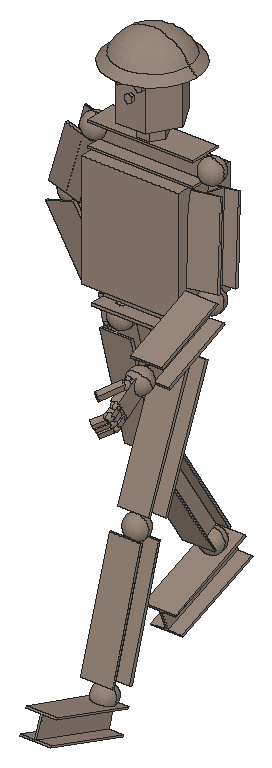
Revit family
Parameters
  Assembly Code = "E2020200"
  Base Material = Default
  Top Material = Default
Reference planes (in)
  plane 1: y = 0
  plane 2: z = 0
  plane 3: x = 0
Forms (in)
  Extrusion 1, solid, material "rusty metal"
    sketch origin (0, 15.00983, 2.39704) x (0, -0.358368, 0.93358) y (1, 0, 0)
      loop
        line (0, -2.00812) -> (0, -6.00812) -> (0.25, -6.00812) -> (0.25, -4.13312) -> (2.97674, -4.13312) -> (2.97674, -6.00812) -> (3.22674, -6.00812) -> (3.22674, -2.00812) -> (2.97674, -2.00812) -> (2.97674, -3.88312) -> (0.25, -3.88312) -> (0.25, -2.00812) -> (0, -2.00812)
    from -6.64974 to 5.35026
  Revolve 2, solid, material "rusty metal"
    sketch origin (0, 16.14452, 3.04328) x (0, 0, 1) y (1, 0, 0)
      loop
        line (2.72674, -4.00812) -> (5.72674, -4.00812)
        arc (5.72674, -4.00812) -> (4.22674, -2.50812) -> (2.72674, -4.00812) r 1.5
      axis (2.72674, -4.00812) -> (5.72674, -4.00812)
    angle from 0 to 360
  Extrusion 3, solid, material "rusty metal"
    sketch origin (-0.00262, 8.87154, 15.28181) x (0, 0.838671, 0.544639) y (1, 0, 0)
      loop
        line (0, -2.00812) -> (0, -6.00812) -> (0.25, -6.00812) -> (0.25, -4.13312) -> (2.97674, -4.13312) -> (2.97674, -6.00812) -> (3.22674, -6.00812) -> (3.22674, -2.00812) -> (2.97674, -2.00812) -> (2.97674, -3.88312) -> (0.25, -3.88312) -> (0.25, -2.00812) -> (0, -2.00812)
    from -6.21466 to 9.24045
  Revolve 4, solid, material "rusty metal"
    sketch origin (0, 6.47794, 17.85355) x (0, 0, 1) y (1, 0, 0)
      loop
        line (2.72674, -4.00812) -> (5.72674, -4.00812)
        arc (5.72674, -4.00812) -> (4.22674, -2.50812) -> (2.72674, -4.00812) r 1.5
      axis (2.72674, -4.00812) -> (5.72674, -4.00812)
    angle from 0 to 360
  Extrusion 5, solid, material "rusty metal"
    sketch origin (-0.00262, 2.17363, 31.77854) x (0, 0.965601, 0.260029) y (1, 0, 0)
      loop
        line (0, -2.00812) -> (0, -6.00812) -> (0.25, -6.00812) -> (0.25, -4.13312) -> (2.97674, -4.13312) -> (2.97674, -6.00812) -> (3.22674, -6.00812) -> (3.22674, -2.00812) -> (2.97674, -2.00812) -> (2.97674, -3.88312) -> (0.25, -3.88312) -> (0.25, -2.00812) -> (0, -2.00812)
    from -6.21466 to 9.24045
  Revolve 6, solid, material "rusty metal"
    sketch origin (0, 1.57641, 35.25) x (0, 0, 1) y (1, 0, 0)
      loop
        line (2.72674, -4.00812) -> (5.72674, -4.00812)
        arc (5.72674, -4.00812) -> (4.22674, -2.50812) -> (2.72674, -4.00812) r 1.5
      axis (2.72674, -4.00812) -> (5.72674, -4.00812)
    angle from 0 to 360
  Extrusion 7, solid, material "rusty metal"
    sketch origin (0.76379, -2.40786, 40.67057) x (0, 0, 1) y (0, -1, 0)
      loop
        line (0, -2.00812) -> (0, -6.00812) -> (0.25, -6.00812) -> (0.25, -4.13312) -> (2.97674, -4.13312) -> (2.97674, -6.00812) -> (3.22674, -6.00812) -> (3.22674, -2.00812) -> (2.97674, -2.00812) -> (2.97674, -3.88312) -> (0.25, -3.88312) -> (0.25, -2.00812) -> (0, -2.00812)
    from -7.07963 to 5.35026
  Extrusion 8, solid, material "rusty metal"
    sketch origin (0, -15.95358, 1.65332) x (0, 0.309017, 0.951057) y (1, 0, 0)
      loop
        line (0, 2.00812) -> (0.25, 2.00812) -> (0.25, 3.88312) -> (2.97674, 3.88312) -> (2.97674, 2.00812) -> (3.22674, 2.00812) -> (3.22674, 6.00812) -> (2.97674, 6.00812) -> (2.97674, 4.13312) -> (0.25, 4.13312) -> (0.25, 6.00812) -> (0, 6.00812) -> (0, 2.00812)
    from -6.64974 to 5.35026
  Revolve 9, solid, material "rusty metal"
    sketch origin (0, -11.22206, 0) x (0, 0, 1) y (1, 0, 0)
      loop
        arc (2.72674, 4.00812) -> (4.22674, 2.50812) -> (5.72674, 4.00812) r 1.5
        line (5.72674, 4.00812) -> (2.72674, 4.00812)
      axis (2.72674, 4.00812) -> (5.72674, 4.00812)
    angle from 0 to 360
  Extrusion 10, solid, material "rusty metal"
    sketch origin (0.00262, -9.76229, 14.99963) x (0, 0.955945, -0.293547) y (1, 0, 0)
      loop
        line (0, 2.00812) -> (0.25, 2.00812) -> (0.25, 3.88312) -> (2.97674, 3.88312) -> (2.97674, 2.00812) -> (3.22674, 2.00812) -> (3.22674, 6.00812) -> (2.97674, 6.00812) -> (2.97674, 4.13312) -> (0.25, 4.13312) -> (0.25, 6.00812) -> (0, 6.00812) -> (0, 2.00812)
    from -6.21466 to 9.24045
  Revolve 11, solid, material "rusty metal"
    sketch origin (0, -6.02714, 17.14645) x (0, 0, 1) y (1, 0, 0)
      loop
        arc (2.72674, 4.00812) -> (4.22674, 2.50812) -> (5.72674, 4.00812) r 1.5
        line (5.72674, 4.00812) -> (2.72674, 4.00812)
      axis (2.72674, 4.00812) -> (5.72674, 4.00812)
    angle from 0 to 360
  Extrusion 12, solid, material "rusty metal"
    sketch origin (0.00262, -2.59607, 32.88827) x (0, 0.92091, -0.389774) y (1, 0, 0)
      loop
        line (0, 2.00812) -> (0.25, 2.00812) -> (0.25, 3.88312) -> (2.97674, 3.88312) -> (2.97674, 2.00812) -> (3.22674, 2.00812) -> (3.22674, 6.00812) -> (2.97674, 6.00812) -> (2.97674, 4.13312) -> (0.25, 4.13312) -> (0.25, 6.00812) -> (0, 6.00812) -> (0, 2.00812)
    from -6.21466 to 10.40412
  Revolve 13, solid, material "rusty metal"
    sketch origin (0, 1.57641, 35.25) x (0, 0, 1) y (1, 0, 0)
      loop
        arc (2.72674, 4.00812) -> (4.22674, 2.50812) -> (5.72674, 4.00812) r 1.5
        line (5.72674, 4.00812) -> (2.72674, 4.00812)
      axis (2.72674, 4.00812) -> (5.72674, 4.00812)
    angle from 0 to 360
  Extrusion 14, solid, material "rusty metal"
    sketch origin (0.76379, -2.40786, 58.60151) x (0, 0, 1) y (0, -1, 0)
      loop
        line (0, -2.00812) -> (0, -6.00812) -> (0.25, -6.00812) -> (0.25, -4.13312) -> (2.97674, -4.13312) -> (2.97674, -6.00812) -> (3.22674, -6.00812) -> (3.22674, -2.00812) -> (2.97674, -2.00812) -> (2.97674, -3.88312) -> (0.25, -3.88312) -> (0.25, -2.00812) -> (0, -2.00812)
    from -7.54493 to 5.87131
  Revolve 15, solid, material "rusty metal"
    sketch origin (-3.47296, 1.57641, 55.94616) x (0, 0, 1) y (1, 0, 0)
      loop
        line (2.72674, -4.00812) -> (5.72674, -4.00812)
        arc (5.72674, -4.00812) -> (4.22674, -2.50812) -> (2.72674, -4.00812) r 1.5
      axis (2.72674, -4.00812) -> (5.72674, -4.00812)
    angle from 0 to 360
  Revolve 16, solid, material "rusty metal"
    sketch origin (11.57972, 1.57641, 55.94616) x (0, 0, 1) y (1, 0, 0)
      loop
        line (2.72674, -4.00812) -> (5.72674, -4.00812)
        arc (5.72674, -4.00812) -> (4.22674, -2.50812) -> (2.72674, -4.00812) r 1.5
      axis (2.72674, -4.00812) -> (5.72674, -4.00812)
    angle from 0 to 360
  Extrusion 17, solid, material "rusty metal"
    sketch origin (0, 0, 0) x (0, 0, 1) y (1, 0, 0)
      loop
        line (58.60151, -6.31583) -> (58.60151, 6.11405) -> (43.89732, 6.11405) -> (43.89732, -6.31583) -> (58.60151, -6.31583)
    from -1.98348 to 6.22526
  Extrusion 18, solid, material "rusty metal"
    sketch origin (-7.10098, 2.18677, 52.11523) x (0, 0.978451, 0.206481) y (0.926681, 0.077605, -0.367749)
      loop
        line (0, -2.00812) -> (0, -6.00812) -> (0.25, -6.00812) -> (0.25, -4.13312) -> (2.97674, -4.13312) -> (2.97674, -6.00812) -> (3.22674, -6.00812) -> (3.22674, -2.00812) -> (2.97674, -2.00812) -> (2.97674, -3.88312) -> (0.25, -3.88312) -> (0.25, -2.00812) -> (0, -2.00812)
    from -6.21466 to 3.50068
  Revolve 19, solid, material "rusty metal"
    sketch origin (-8.5567, 5.15588, 45.74369) x (0, -0.206481, 0.978451) y (1, 0, 0)
      loop
        line (2.72674, -4.00812) -> (5.72674, -4.00812)
        arc (5.72674, -4.00812) -> (4.22674, -2.50812) -> (2.72674, -4.00812) r 1.5
      axis (2.72674, -4.00812) -> (5.72674, -4.00812)
    angle from 0 to 360
  Revolve 20, solid, material "rusty metal"
    sketch origin (-5.27017, 6.57641, 34.97318) x (0, 0, 1) y (1, 0, 0)
      loop
        line (2.72674, -4.00812) -> (5.72674, -4.00812)
        arc (5.72674, -4.00812) -> (4.22674, -2.50812) -> (2.72674, -4.00812) r 1.5
      axis (2.72674, -4.00812) -> (5.72674, -4.00812)
    angle from 0 to 360
  Revolve 21, solid, material "rusty metal"
    sketch origin (13.406, -1.57837, 42.78208) x (0, 0.190809, 0.981627) y (1, 0, 0)
      loop
        line (2.72674, -4.00812) -> (5.72674, -4.00812)
        arc (5.72674, -4.00812) -> (4.22674, -2.50812) -> (2.72674, -4.00812) r 1.5
      axis (2.72674, -4.00812) -> (5.72674, -4.00812)
    angle from 0 to 360
  Extrusion 22, solid, material "rusty metal"
    sketch origin (-7.19082, 3.81029, 44.42188) x (0, 0.978451, 0.206481) y (0.946969, -0.066347, 0.3144)
      loop
        line (0, -2.00812) -> (0, -6.00812) -> (0.25, -6.00812) -> (0.25, -4.13312) -> (2.97674, -4.13312) -> (2.97674, -6.00812) -> (3.22674, -6.00812) -> (3.22674, -2.00812) -> (2.97674, -2.00812) -> (2.97674, -3.88312) -> (0.25, -3.88312) -> (0.25, -2.00812) -> (0, -2.00812)
    from -6.21466 to 3.50068
  Extrusion 23, solid, material "rusty metal"
    sketch origin (12.7081, -1.23542, 52.87687) x (0, 0.981627, -0.190809) y (0.992709, 0.023, 0.118325)
      loop
        line (0, -2.00812) -> (0, -6.00812) -> (0.25, -6.00812) -> (0.25, -4.13312) -> (2.97674, -4.13312) -> (2.97674, -6.00812) -> (3.22674, -6.00812) -> (3.22674, -2.00812) -> (2.97674, -2.00812) -> (2.97674, -3.88312) -> (0.25, -3.88312) -> (0.25, -2.00812) -> (0, -2.00812)
    from -6.21466 to 4.00573
  Extrusion 24, solid, material "rusty metal"
    sketch origin (13.29069, -6.79052, 42.65475) x (0, -0.374607, 0.927184) y (1, 0, 0)
      loop
        line (0, -2.00812) -> (0, -6.00812) -> (0.25, -6.00812) -> (0.25, -4.13312) -> (2.97674, -4.13312) -> (2.97674, -6.00812) -> (3.22674, -6.00812) -> (3.22674, -2.00812) -> (2.97674, -2.00812) -> (2.97674, -3.88312) -> (0.25, -3.88312) -> (0.25, -2.00812) -> (0, -2.00812)
    from -3.39225 to 6.11806
  Extrusion 25, solid, material "rusty metal"
    sketch origin (0, 0, 62) x (1, 0, 0) y (0, 1, 0)
      loop
        line (-0.86603, 2.97526) -> (-1.73205, 1.47526) -> (-0.86603, -0.02474) -> (0.86603, -0.02474) -> (1.73205, 1.47526) -> (0.86603, 2.97526) -> (-0.86603, 2.97526)
    from -0.17175 to 10.82825
  Extrusion 26, solid, material "rusty metal"
    sketch origin (0, 0, 65) x (1, 0, 0) y (0, 1, 0)
      loop
        line (-1.96961, 4.88673) -> (-3.93923, 1.47526) -> (-1.94232, -1.98348) -> (1.8581, -1.98348) -> (3.855, 1.47526) -> (1.88539, 4.88673) -> (-1.96961, 4.88673)
    from -1.08354 to 6.82825
  Extrusion 27, solid, material "rusty metal"
    sketch origin (0, 0, 0) x (0, 0, 1) y (1, 0, 0)
      loop
        line (68.9189, -0.86603) -> (68.65316, -1.32631) -> (68.9189, -1.78659) -> (69.45039, -1.78659) -> (69.71614, -1.32631) -> (69.45039, -0.86603) -> (68.9189, -0.86603)
    from -2.4154 to -1.98348
  Extrusion 28, solid, material "rusty metal"
    sketch origin (-0.08169, 0, 0) x (0, 0, 1) y (1, 0, 0)
      loop
        line (68.9189, 0.86603) -> (69.45039, 0.86603) -> (69.71614, 1.32631) -> (69.45039, 1.78659) -> (68.9189, 1.78659) -> (68.65316, 1.32631) -> (68.9189, 0.86603)
    from -2.4154 to -1.98348
  Extrusion 29, solid, material "rusty metal"
    sketch origin (-1.36715, 0, -1.66698) x (0, 0, 1) y (1, 0, 0)
      loop
        line (68.9189, 0.86603) -> (69.45039, 0.86603) -> (69.71614, 1.32631) -> (69.45039, 1.78659) -> (68.9189, 1.78659) -> (68.65316, 1.32631) -> (68.9189, 0.86603)
    from -2.4154 to -1.98348
  Revolve 30, solid, material "rusty metal"
    sketch origin (0, 1.5, 0) x (0, 0, 1) y (1, 0, 0)
      loop
        line (70.19408, -0.04085) -> (74.09647, -0.04085)
        arc (74.09647, -0.04085) -> (73.28771, 2.66668) -> (71.20874, 4.5805) r 5.331
        line (71.20874, 4.5805) -> (70.19408, 5.59515) -> (70.19408, -0.04085)
      axis (70.19408, -0.04085) -> (74.09647, -0.04085)
    angle from 0 to 360
  Revolve 31, solid, material "rusty metal"
    sketch origin (13.16402, -9.94822, 38.85972) x (0, -0.48481, 0.87462) y (1, 0, 0)
      loop
        line (2.72674, -4.00812) -> (5.72674, -4.00812)
        arc (5.72674, -4.00812) -> (4.22674, -2.50812) -> (2.72674, -4.00812) r 1.5
      axis (2.72674, -4.00812) -> (5.72674, -4.00812)
    angle from 0 to 360
  Extrusion 32, solid, material "rusty metal"
    sketch origin (9.53485, 0.25827, 39.98266) x (0, -0.544639, 0.838671) y (0, 0.838671, 0.544639)
      loop
        line (10.18989, -9.43382) -> (7.61547, -9.43382) -> (7.61547, -12.57139) -> (10.18989, -12.57139) -> (10.18989, -9.43382)
    from 0 to 1
  Revolve 33, solid, material "rusty metal"
    sketch origin (9.03485, -1.34924, 38.26867) x (0, -0.544639, 0.838671) y (0, 0.838671, 0.544639)
      loop
        line (9.83438, -10.46982) -> (10.83438, -10.46982)
        arc (10.83438, -10.46982) -> (10.33438, -9.96982) -> (9.83438, -10.46982) r 0.5
      axis (9.83438, -10.46982) -> (10.83438, -10.46982)
    angle from 0 to 360
  Revolve 34, solid, material "rusty metal"
    sketch origin (9.03485, -0.81355, 37.44378) x (0, -0.544639, 0.838671) y (0, 0.838671, 0.544639)
      loop
        line (9.83438, -10.46982) -> (10.83438, -10.46982)
        arc (10.83438, -10.46982) -> (10.33438, -9.96982) -> (9.83438, -10.46982) r 0.5
      axis (9.83438, -10.46982) -> (10.83438, -10.46982)
    angle from 0 to 360
  Revolve 35, solid, material "rusty metal"
    sketch origin (9.03485, -0.32818, 36.69638) x (0, -0.544639, 0.838671) y (0, 0.838671, 0.544639)
      loop
        line (9.83438, -10.46982) -> (10.83438, -10.46982)
        arc (10.83438, -10.46982) -> (10.33438, -9.96982) -> (9.83438, -10.46982) r 0.5
      axis (9.83438, -10.46982) -> (10.83438, -10.46982)
    angle from 0 to 360
  Revolve 36, solid, material "rusty metal"
    sketch origin (9.04027, 0.25827, 39.98266) x (0, -0.544639, 0.838671) y (0, 0.838671, 0.544639)
      loop
        line (9.83438, -10.46982) -> (10.83438, -10.46982)
        arc (10.83438, -10.46982) -> (10.33438, -9.96982) -> (9.83438, -10.46982) r 0.5
      axis (9.83438, -10.46982) -> (10.83438, -10.46982)
    angle from 0 to 360
  Extrusion 37, solid, material "rusty metal"
    sketch origin (12.17651, -1.15752, 35.14059) x (0.120341, -0.352451, 0.92806) y (0.48266, 0.837696, 0.255547)
      loop
        line (11.20192, -10.53488) -> (11.20192, -13.61416) -> (11.95192, -13.61416) -> (11.95192, -10.53488) -> (11.20192, -10.53488)
    from -0.91471 to -0.1732
  Extrusion 38, solid, material "rusty metal"
    sketch origin (8.53485, -0.77286, 37.25969) x (0, -0.544639, 0.838671) y (0, 0.838671, 0.544639)
      loop
        line (11.0987, -10.53488) -> (11.0987, -11.67313) -> (11.71821, -11.67313) -> (11.71821, -10.53488) -> (11.0987, -10.53488)
    from -0.91471 to -0.1732
  Extrusion 39, solid, material "rusty metal"
    sketch origin (8.53485, -0.34598, 36.60235) x (0, -0.544639, 0.838671) y (0, 0.838671, 0.544639)
      loop
        line (11.0987, -10.53488) -> (11.0987, -11.67313) -> (11.71821, -11.67313) -> (11.71821, -10.53488) -> (11.0987, -10.53488)
    from -0.91471 to -0.1732
  Extrusion 40, solid, material "rusty metal"
    sketch origin (8.53485, 0.22742, 35.7194) x (0, -0.544639, 0.838671) y (0, 0.838671, 0.544639)
      loop
        line (11.0987, -10.53488) -> (11.0987, -11.67313) -> (11.71821, -11.67313) -> (11.71821, -10.53488) -> (11.0987, -10.53488)
    from -0.91471 to -0.1732
  Extrusion 41, solid, material "rusty metal"
    sketch origin (15.74095, -4.00436, 35.16114) x (0, -0.544639, 0.838671) y (0.682987, 0.61259, 0.397821)
      loop
        line (11.0987, -10.53488) -> (11.0987, -12.19428) -> (11.71821, -12.19428) -> (11.71821, -10.53488) -> (11.0987, -10.53488)
    from -0.91471 to -0.1732
  Extrusion 42, solid, material "rusty metal"
    sketch origin (15.74095, -3.57747, 34.50379) x (0, -0.544639, 0.838671) y (0.682987, 0.61259, 0.397821)
      loop
        line (11.0987, -10.53488) -> (11.0987, -12.19428) -> (11.71821, -12.19428) -> (11.71821, -10.53488) -> (11.0987, -10.53488)
    from -0.91471 to -0.1732
  Extrusion 43, solid, material "rusty metal"
    sketch origin (15.74095, -3.00408, 33.62085) x (0, -0.544639, 0.838671) y (0.682987, 0.61259, 0.397821)
      loop
        line (11.0987, -10.53488) -> (11.0987, -12.19428) -> (11.71821, -12.19428) -> (11.71821, -10.53488) -> (11.0987, -10.53488)
    from -0.91471 to -0.1732
  Revolve 44, solid, material "rusty metal"
    sketch origin (9.03485, -2.46321, 37.45932) x (0, -0.544639, 0.838671) y (0, 0.838671, 0.544639)
      loop
        line (9.83438, -10.46982) -> (10.83438, -10.46982)
        arc (10.83438, -10.46982) -> (10.33438, -9.96982) -> (9.83438, -10.46982) r 0.5
      axis (9.83438, -10.46982) -> (10.83438, -10.46982)
    angle from 0 to 360
  Revolve 45, solid, material "rusty metal"
    sketch origin (9.03485, -1.92752, 36.63443) x (0, -0.544639, 0.838671) y (0, 0.838671, 0.544639)
      loop
        line (9.83438, -10.46982) -> (10.83438, -10.46982)
        arc (10.83438, -10.46982) -> (10.33438, -9.96982) -> (9.83438, -10.46982) r 0.5
      axis (9.83438, -10.46982) -> (10.83438, -10.46982)
    angle from 0 to 360
  Revolve 46, solid, material "rusty metal"
    sketch origin (9.03485, -1.44215, 35.88703) x (0, -0.544639, 0.838671) y (0, 0.838671, 0.544639)
      loop
        line (9.83438, -10.46982) -> (10.83438, -10.46982)
        arc (10.83438, -10.46982) -> (10.33438, -9.96982) -> (9.83438, -10.46982) r 0.5
      axis (9.83438, -10.46982) -> (10.83438, -10.46982)
    angle from 0 to 360
  Extrusion 47, solid, material "rusty metal"
    sketch origin (-19.80022, 6.08918, 45.7075) x (0.983533, 0, 0.180731) y (0.180731, 0, -0.983533)
      loop
        line (10.18989, 9.43382) -> (10.18989, 12.57139) -> (7.61547, 12.57139) -> (7.61547, 9.43382) -> (10.18989, 9.43382)
    from 0 to 1
  Revolve 48, solid, material "rusty metal"
    sketch origin (-19.94056, 6.58918, 43.36183) x (0.983533, 0, 0.180731) y (0.180731, 0, -0.983533)
      loop
        arc (9.83438, 10.46982) -> (10.33438, 9.96982) -> (10.83438, 10.46982) r 0.5
        line (10.83438, 10.46982) -> (9.83438, 10.46982)
      axis (9.83438, 10.46982) -> (10.83438, 10.46982)
    angle from 0 to 360
  Revolve 49, solid, material "rusty metal"
    sketch origin (-20.90793, 6.58918, 43.18407) x (0.983533, 0, 0.180731) y (0.180731, 0, -0.983533)
      loop
        arc (9.83438, 10.46982) -> (10.33438, 9.96982) -> (10.83438, 10.46982) r 0.5
        line (10.83438, 10.46982) -> (9.83438, 10.46982)
      axis (9.83438, 10.46982) -> (10.83438, 10.46982)
    angle from 0 to 360
  Revolve 50, solid, material "rusty metal"
    sketch origin (-21.78443, 6.58918, 43.02301) x (0.983533, 0, 0.180731) y (0.180731, 0, -0.983533)
      loop
        arc (9.83438, 10.46982) -> (10.33438, 9.96982) -> (10.83438, 10.46982) r 0.5
        line (10.83438, 10.46982) -> (9.83438, 10.46982)
      axis (9.83438, 10.46982) -> (10.83438, 10.46982)
    angle from 0 to 360
  Revolve 51, solid, material "rusty metal"
    sketch origin (-19.80022, 6.58375, 45.7075) x (0.983533, 0, 0.180731) y (0.180731, 0, -0.983533)
      loop
        arc (9.83438, 10.46982) -> (10.33438, 9.96982) -> (10.83438, 10.46982) r 0.5
        line (10.83438, 10.46982) -> (9.83438, 10.46982)
      axis (9.83438, 10.46982) -> (10.83438, 10.46982)
    angle from 0 to 360
  Extrusion 52, solid, material "rusty metal"
    sketch origin (-22.34463, 3.44752, 41.35135) x (0.916388, -0.120341, 0.381774) y (0.390065, 0.48266, -0.784148)
      loop
        line (11.20192, 10.53488) -> (11.95192, 10.53488) -> (11.95192, 13.61416) -> (11.20192, 13.61416) -> (11.20192, 10.53488)
    from -0.91471 to -0.1732
  Extrusion 53, solid, material "rusty metal"
    sketch origin (-21.91826, 7.08918, 47.70542) x (0.983533, 0, 0.180731) y (0.180731, 0, -0.983533)
      loop
        line (11.0987, 15.23051) -> (11.71821, 15.23051) -> (11.71821, 16.36876) -> (11.0987, 16.36876) -> (11.0987, 15.23051)
    from -0.91471 to -0.1732
  Extrusion 54, solid, material "rusty metal"
    sketch origin (-22.68915, 7.08918, 47.56377) x (0.983533, 0, 0.180731) y (0.180731, 0, -0.983533)
      loop
        line (11.0987, 15.23051) -> (11.71821, 15.23051) -> (11.71821, 16.36876) -> (11.0987, 16.36876) -> (11.0987, 15.23051)
    from -0.91471 to -0.1732
  Extrusion 55, solid, material "rusty metal"
    sketch origin (-23.7246, 7.08918, 47.3735) x (0.983533, 0, 0.180731) y (0.180731, 0, -0.983533)
      loop
        line (11.0987, 15.23051) -> (11.71821, 15.23051) -> (11.71821, 16.36876) -> (11.0987, 16.36876) -> (11.0987, 15.23051)
    from -0.91471 to -0.1732
  Extrusion 56, solid, material "rusty metal"
    sketch origin (-20.37324, -0.11693, 39.29745) x (0.983533, 0, 0.180731) y (0.132011, 0.682987, -0.718402)
      loop
        line (11.0987, 10.53488) -> (11.71821, 10.53488) -> (11.71821, 12.19428) -> (11.0987, 12.19428) -> (11.0987, 10.53488)
    from -0.91471 to -0.1732
  Extrusion 57, solid, material "rusty metal"
    sketch origin (-21.14412, -0.11693, 39.1558) x (0.983533, 0, 0.180731) y (0.132011, 0.682987, -0.718402)
      loop
        line (11.0987, 10.53488) -> (11.71821, 10.53488) -> (11.71821, 12.19428) -> (11.0987, 12.19428) -> (11.0987, 10.53488)
    from -0.91471 to -0.1732
  Extrusion 58, solid, material "rusty metal"
    sketch origin (-22.17958, -0.11693, 38.96552) x (0.983533, 0, 0.180731) y (0.132011, 0.682987, -0.718402)
      loop
        line (11.0987, 10.53488) -> (11.71821, 10.53488) -> (11.71821, 12.19428) -> (11.0987, 12.19428) -> (11.0987, 10.53488)
    from -0.91471 to -0.1732
  Revolve 59, solid, material "rusty metal"
    sketch origin (-19.76292, 6.58918, 41.9964) x (0.983533, 0, 0.180731) y (0.180731, 0, -0.983533)
      loop
        arc (9.83438, 10.46982) -> (10.33438, 9.96982) -> (10.83438, 10.46982) r 0.5
        line (10.83438, 10.46982) -> (9.83438, 10.46982)
      axis (9.83438, 10.46982) -> (10.83438, 10.46982)
    angle from 0 to 360
  Revolve 60, solid, material "rusty metal"
    sketch origin (-20.73029, 6.58918, 41.81864) x (0.983533, 0, 0.180731) y (0.180731, 0, -0.983533)
      loop
        arc (9.83438, 10.46982) -> (10.33438, 9.96982) -> (10.83438, 10.46982) r 0.5
        line (10.83438, 10.46982) -> (9.83438, 10.46982)
      axis (9.83438, 10.46982) -> (10.83438, 10.46982)
    angle from 0 to 360
  Revolve 61, solid, material "rusty metal"
    sketch origin (-21.60679, 6.58918, 41.65757) x (0.983533, 0, 0.180731) y (0.180731, 0, -0.983533)
      loop
        arc (9.83438, 10.46982) -> (10.33438, 9.96982) -> (10.83438, 10.46982) r 0.5
        line (10.83438, 10.46982) -> (9.83438, 10.46982)
      axis (9.83438, 10.46982) -> (10.83438, 10.46982)
    angle from 0 to 360
Lines and regions (in)
  model lines
    curve 1: line (-4.60012, -1.98348, 45.81875) -> (5.14988, -1.98348, 45.81875)
    curve 2: line (-4.60012, -1.98348, 57.56875) -> (-4.60012, -1.98348, 45.81875)
    curve 3: line (5.14988, -1.98348, 57.56875) -> (-4.60012, -1.98348, 57.56875)
    curve 4: line (5.14988, -1.98348, 45.81875) -> (5.14988, -1.98348, 57.56875)
